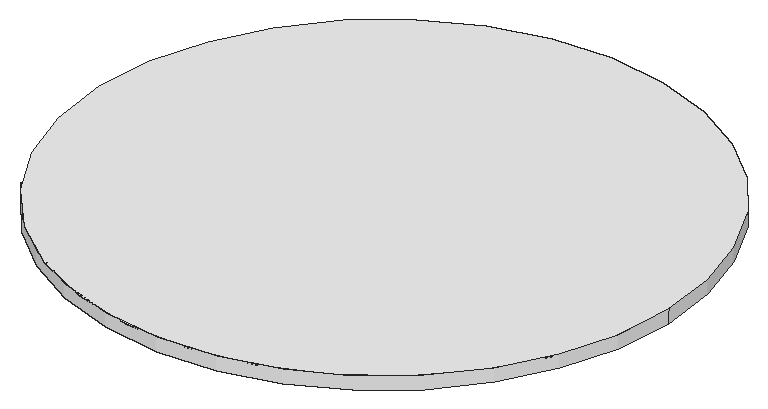
Revit family "Deca_Torneira de mesa bica baixa para lavatório_Aspen_1198.35", category Plumbing Fixtures, host Face, Revit 2019
Family settings
  Host = Face
  Round Connector Dimension = Use Radius
  Part Type = Normal
  Cut with Voids When Loaded = No
  Shared = No
  Room Calculation Point = No
Parameters (values of type "1198.C35_Cromado")
  Vazão na Pressão mín. (L/min) = "4 l/min"
  Vazão na Pressão máx. (L/min) = "6 l/min"
  URL = "www.deca.com.br"
  Torneira = Deca_Cromado
  Tipo de rosca de saída = "-"
  Tipo de rosca de entrada = "BSP NBR 8133"
  Tipo de mecanismo utilizado = "MVC -1/4 volta"
  Tipo de dispositivo economizador = "Sim"
  Segmento = "Banheiro Competitivo"
  Saída de Esgoto = "-"
  Raio Água Fria = 7.5 mm  # constant formula
  Pressão mín. funcionamento = "2 MCA"
  Pressão mín. Aquec. Passagem = "-"
  Pressão mín. Aquec. Acúmulo = "-"
  Pressão máx. funcionamento = "40 MCA"
  Peso Líquido (Kg) = 0.856
  Norma = "NBR10281"
  Model = "1198.C35"
  Manufacturer = "Deca"
  Linha = "Aspen"
  Itens de Instalação = "-"
  Informações Complementares = "-"
  Diâmetro Água Fria = Raio Água Fria * 2  # 15 mm
  Description = "Torneira de mesa bica baixa para lavatório"
  Default Elevation = 0 mm
  Código Pai = "1198.35"
  Criado por = "quattroD"
  Cores Componente = "-"
  Cor Secundária = "-"
  Cor Principal = "Cromado"
  Cor Interna = "-"
  Consumo = "-"
  Composição Componente = "-"
  Composição Básica = "Liga de Cobre (bronze e latão),Plásticos de Engenharia,Elastômeros"
  Composição Assento = "-"
  Composição Anel Vedação = "-"
  Categoria = "METAIS PARA BANHEIRO"
  CWFU = 0
  Atendimento ao Cliente = "0800-0117073"
  Assembly Code = ""
  Aprovado por = "quattroD"
  Acompanha o Produto = "Acompanha Deca confort"
Reference planes
  plane 1 "Center (Front/Back)": y = 0
  plane 2: z = 0
  plane 3 "Center (Left/Right)": x = 0
  plane 4 "Top 1": z = 83.337
  plane 5 "Left 1": x = -21.189
  plane 6 "Right 1": x = 21.178
  plane 7 "Back 1": y = 21.154
  plane 8 "Front 2": y = -125.839
  plane 9 "Front 1": y = -23.758
Forms (mm)
  Extrusion 1, solid, material "Deca_Cromado"
    sketch origin (0, -43.913, -145.688) x (1, 0, 0) y (0, 1, 0)
      loop
        circle (0, 43.89) r 21.178
    from 188.431 to 189.373
Lines and regions (mm)
  Masking region 1
    outline origin (0, 0, 0) x (1, 0, 0) y (0, 1, 0)
      loop
        arc (21.177, -0.159) -> (0.068, 21.154) -> (-21.178, -0.024) r 21.178
        arc (-21.178, -0.024) -> (-17.973, -57.499) -> (-13.675, -114.902) r 3153.487
        arc (-13.675, -114.902) -> (-9.488, -122.506) -> (-1.58, -126.085) r 13.744
        arc (-1.58, -126.085) -> (-0.144, -126.171) -> (1.292, -126.085) r 12.146
        arc (1.292, -126.085) -> (9.404, -122.604) -> (13.71, -114.899) r 13.704
        arc (13.71, -114.899) -> (17.823, -57.554) -> (21.177, -0.159) r 4351.414
  Masking region 2
    outline origin (0, 0, 0) x (1, 0, 0) y (0, 0, 1)
      loop
        line (-20, 87.224) -> (-20, 78.165)
        arc (-20, 78.165) -> (-16.734, 66.6) -> (-20, 55.035) r 22.109
        line (-20, 55.035) -> (-20, 46.1) -> (-15.601, 46.1)
        arc (-15.601, 46.1) -> (-15.951, 45.037) -> (-16.37, 44) r 16.927
        line (-16.37, 44) -> (-21.25, 44) -> (-21.25, 0) -> (21.25, 0) -> (21.25, 44) -> (16.37, 44)
        arc (16.37, 44) -> (15.994, 45.053) -> (15.601, 46.1) r 72.733
        line (15.601, 46.1) -> (20, 46.1) -> (20, 55.035)
        arc (20, 55.035) -> (16.679, 66.6) -> (20, 78.165) r 21.795
        line (20, 78.165) -> (20, 86.725)
        arc (20, 86.725) -> (20.007, 87.3) -> (19.612, 87.719) r 0.768
        arc (19.612, 87.719) -> (0.07, 88.2) -> (-19.471, 87.726) r 400
        arc (-19.471, 87.726) -> (-19.835, 87.543) -> (-19.981, 87.164) r 0.565
  Masking region 3
    outline origin (0, 0, 0) x (0, 1, 0) y (0, 0, 1)
      loop
        line (13.154, 46.1) -> (19.904, 46.1) -> (19.904, 87.7)
        arc (19.904, 87.7) -> (-0.096, 88.2) -> (-20.096, 87.7) r 400
        line (-20.096, 87.7) -> (-20.096, 46.1) -> (-13.346, 46.1) -> (-13.346, 44) -> (-20.646, 44)
        arc (-20.646, 44) -> (-21.343, 44.03) -> (-22.035, 44.122) r 7.999
        line (-22.035, 44.122) -> (-84.06, 55.058) -> (-114.858, 60.489)
        arc (-114.858, 60.489) -> (-121.583, 58.998) -> (-125.284, 53.188) r 9
        line (-125.284, 53.188) -> (-126.259, 47.657)
        arc (-126.259, 47.657) -> (-125.955, 47.146) -> (-125.398, 46.935) r 0.9
        line (-125.398, 46.935) -> (-121.571, 45.619) -> (-123.78, 38.394)
        arc (-123.78, 38.394) -> (-123.419, 37.524) -> (-122.549, 37.163) r 1.231
        line (-122.549, 37.163) -> (-102.301, 30.973)
        arc (-102.301, 30.973) -> (-101.565, 30.922) -> (-100.883, 31.199) r 1.634
        line (-100.883, 31.199) -> (-98.619, 38.602) -> (-87.862, 35.459) -> (-49.225, 23.647) -> (-27.007, 16.854)
        arc (-27.007, 16.854) -> (-22.915, 13.962) -> (-21.346, 9.204) r 8
        line (-21.346, 9.204) -> (-21.346, 0) -> (21.154, 0) -> (21.154, 44) -> (13.154, 44) -> (13.154, 46.1)
  symbolic lines
    curve 1: arc (21.178, -0.024, 0) -> (0, 21.154, 0) -> (-21.178, -0.024, 0) r 21.178
    curve 2: circle (0, 0, 0) r 19.524 normal (0, 0, 1)
    curve 3: arc (-21.178, -0.024, 0) -> (0, -21.202, 0) -> (21.178, -0.024, 0) r 21.178
    curve 4: circle (0, 0, 0) r 20 normal (0, 0, 1)
    curve 5: arc (-2.686, -124.796, 0) -> (0.016, -125.196, 0) -> (2.719, -124.796, 0) r 9.326
    curve 6: arc (2.719, -124.796, 0) -> (9.688, -121.484, 0) -> (13.71, -114.899, 0) r 13.517
    curve 7: arc (-2.686, -124.796, 0) -> (-9.663, -121.495, 0) -> (-13.675, -114.902, 0) r 13.445
    curve 8: arc (-1.58, -126.085, 0) -> (-0.144, -126.171, 0) -> (1.292, -126.085, 0) r 12.146
    curve 9: arc (1.292, -126.085, 0) -> (9.404, -122.604, 0) -> (13.71, -114.899, 0) r 13.704
    curve 10: arc (-1.58, -126.085, 0) -> (-9.488, -122.506, 0) -> (-13.675, -114.902, 0) r 13.744
    curve 11: arc (-13.675, -114.902, 0) -> (-17.973, -57.499, 0) -> (-21.223, -0.027, 0) r 3153.487
    curve 12: arc (13.71, -114.899, 0) -> (17.732, -58.941, 0) -> (21.033, -2.936, 0) r 4351.414
    curve 13: arc (21.178, -0.024, 0) -> (0, 21.154, 0) -> (-21.178, -0.024, 0) r 21.178
    curve 14: line (-16.37, 0, 44) -> (-21.25, 0, 44)
    curve 15: line (-20, 0, 87.224) -> (-20, 0, 78.165)
    curve 16: arc (19.612, 0, 87.719) -> (0.044, 0, 88.2) -> (-19.524, 0, 87.723) r 400
    curve 17: line (20, 0, 87.224) -> (-20, 0, 87.224)
    curve 18: arc (-19.416, 0, 87.728) -> (-19.816, 0, 87.563) -> (-19.981, 0, 87.164) r 0.565
    curve 19: arc (20, 0, 87.224) -> (19.814, 0, 87.614) -> (19.397, 0, 87.729) r 0.52
    curve 20: line (-19.524, 0, 87.723) -> (19.524, 0, 87.723)
    curve 21: line (20, 0, 78.165) -> (20, 0, 87.224)
    curve 22: line (20, 0, 55.035) -> (20, 0, 46.1)
    curve 23: arc (20, 0, 55.035) -> (16.679, 0, 66.6) -> (20, 0, 78.165) r 21.795
    curve 24: line (-20, 0, 55.035) -> (-20, 0, 46.1)
    curve 25: arc (-20, 0, 55.035) -> (-16.734, 0, 66.6) -> (-20, 0, 78.165) r 22.109
    curve 26: line (-21.25, 0, 44) -> (-21.25, 0, 0)
    curve 27: line (21.25, 0, 0) -> (21.25, 0, 44)
    curve 28: line (21.25, 0, 44) -> (16.37, 0, 44)
    curve 29: spline (12, 0, 34.707) -> (11.591, 0, 35.615) -> (10.392, 0, 36.461) -> (8.485, 0, 37.188) -> (6, 0, 37.746) -> (3.106, 0, 38.096) -> (0, 0, 38.216) -> (-3.106, 0, 38.096) -> (-6, 0, 37.746) -> (-8.485, 0, 37.188) -> (-10.392, 0, 36.461) -> (-11.591, 0, 35.615) -> (-12, 0, 34.707)
    curve 30: spline (10.05, 0, 34.077) -> (9.708, 0, 34.838) -> (8.704, 0, 35.546) -> (7.106, 0, 36.155) -> (5.025, 0, 36.622) -> (2.601, 0, 36.915) -> (0, 0, 37.015) -> (-2.601, 0, 36.915) -> (-5.025, 0, 36.622) -> (-7.106, 0, 36.155) -> (-8.704, 0, 35.546) -> (-9.708, 0, 34.838) -> (-10.05, 0, 34.077) -> (-9.708, 0, 33.317) -> (-8.704, 0, 32.608) -> (-7.106, 0, 31.999) -> (-5.025, 0, 31.532) -> (-2.601, 0, 31.239) -> (0, 0, 31.139) -> (2.601, 0, 31.239) -> (5.025, 0, 31.532) -> (7.106, 0, 31.999) -> (8.704, 0, 32.608) -> (9.708, 0, 33.317) -> (10.05, 0, 34.077)
    curve 31: spline (11, 0, 34.077) -> (10.625, 0, 34.91) -> (9.526, 0, 35.685) -> (7.778, 0, 36.351) -> (5.5, 0, 36.862) -> (2.847, 0, 37.184) -> (0, 0, 37.293) -> (-2.847, 0, 37.184) -> (-5.5, 0, 36.862) -> (-7.778, 0, 36.351) -> (-9.526, 0, 35.685) -> (-10.625, 0, 34.91) -> (-11, 0, 34.077) -> (-10.625, 0, 33.245) -> (-9.526, 0, 32.469) -> (-7.778, 0, 31.803) -> (-5.5, 0, 31.292) -> (-2.847, 0, 30.971) -> (0, 0, 30.861) -> (2.847, 0, 30.971) -> (5.5, 0, 31.292) -> (7.778, 0, 31.803) -> (9.526, 0, 32.469) -> (10.625, 0, 33.245) -> (11, 0, 34.077)
    curve 32: arc (12, 0, 34.707) -> (11.436, 0, 33.499) -> (10.345, 0, 32.735) r 2.577
    curve 33: arc (-12, 0, 34.707) -> (-11.542, 0, 33.642) -> (-10.573, 0, 33.006) r 2.013
    curve 34: spline (-9.916, 0, 34.555) -> (-9.264, 0, 33.895) -> (-8.105, 0, 33.296) -> (-6.503, 0, 32.793) -> (-4.544, 0, 32.413) -> (-2.336, 0, 32.176) -> (0, 0, 32.095) -> (2.336, 0, 32.176) -> (4.544, 0, 32.413) -> (6.503, 0, 32.793) -> (8.105, 0, 33.296) -> (9.264, 0, 33.895) -> (9.916, 0, 34.555)
    curve 35: line (-21.25, 0, 0) -> (21.25, 0, 0)
    curve 36: line (-20, 0, 46.1) -> (-15.601, 0, 46.1)
    curve 37: line (20, 0, 46.1) -> (15.601, 0, 46.1)
    curve 38: arc (15.601, 0, 46.1) -> (15.994, 0, 45.053) -> (16.37, 0, 44) r 72.733
    curve 39: arc (-16.37, 0, 44) -> (-15.951, 0, 45.037) -> (-15.601, 0, 46.1) r 16.927
    curve 40: arc (-0.784, 0, 60.631) -> (-0.095, 0, 60.613) -> (0.594, 0, 60.631) r 13.067
    curve 41: arc (15.601, 0, 46.1) -> (14.295, 0, 49.669) -> (12.877, 0, 53.196) r 122.389
    curve 42: arc (12.877, 0, 53.196) -> (7.788, 0, 58.652) -> (0.594, 0, 60.631) r 13.697
    curve 43: arc (-15.601, 0, 46.1) -> (-14.321, 0, 49.477) -> (-13.012, 0, 52.845) r 449.837
    curve 44: arc (-13.012, 0, 52.845) -> (-8.035, 0, 58.523) -> (-0.784, 0, 60.631) r 13.473
    curve 45: arc (-16.37, 0, 44) -> (-18.89, 0, 36.941) -> (-21.25, 0, 29.827) r 333.082
    curve 46: arc (-14.008, 0, 44.871) -> (-13.797, 0, 45.49) -> (-13.317, 0, 45.935) r 1.335
    curve 47: arc (-14.008, 0, 44.871) -> (-17.969, 0, 31.971) -> (-20.989, 0, 18.818) r 186.999
    curve 48: arc (14.008, 0, 44.871) -> (13.769, 0, 45.523) -> (13.254, 0, 45.989) r 1.444
    curve 49: arc (13.254, 0, 45.989) -> (11.655, 0, 46.67) -> (9.96, 0, 47.059) r 9.814
    curve 50: arc (-13.317, 0, 45.935) -> (-11.991, 0, 46.616) -> (-10.532, 0, 46.921) r 5.56
    curve 51: arc (9.96, 0, 47.059) -> (4.989, 0, 47.518) -> (0, 0, 47.672) r 81.567
    curve 52: arc (0, 0, 47.672) -> (-5.282, 0, 47.52) -> (-10.532, 0, 46.921) r 62.185
    curve 53: arc (-16.97, 0, 44) -> (-19.664, 0, 37.449) -> (-21.25, 0, 30.545) r 43.123
    curve 54: arc (14.008, 0, 44.871) -> (17.899, 0, 31.933) -> (21.25, 0, 18.844) r 325.44
    curve 55: arc (16.37, 0, 44) -> (18.911, 0, 36.948) -> (21.25, 0, 29.827) r 262.67
    curve 56: arc (16.97, 0, 44) -> (19.623, 0, 37.793) -> (20.894, 0, 31.164) r 31.52
    curve 57: line (-12, 0, 34.707) -> (-12, 0, 42.173)
    curve 58: line (12, 0, 34.707) -> (12, 0, 42.173)
    curve 59: arc (-12, 0, 42.173) -> (-11.004, 0, 43.593) -> (-9.419, 0, 44.298) r 3.249
    curve 60: arc (12, 0, 42.173) -> (12.372, 0, 43.499) -> (11.387, 0, 44.461) r 1.35
    curve 61: arc (12, 0, 42.173) -> (11.654, 0, 42.899) -> (11.162, 0, 43.536) r 3.8
    curve 62: arc (11.162, 0, 43.536) -> (5.701, 0, 45.24) -> (0, 0, 45.706) r 25.94
    curve 63: arc (0, 0, 45.706) -> (-4.752, 0, 45.283) -> (-9.419, 0, 44.298) r 39.97
    curve 64: arc (-12, 0, 42.173) -> (-12.462, 0, 43.131) -> (-12, 0, 44.089) r 1.224
    curve 65: arc (11.387, 0, 44.461) -> (9.674, 0, 45.17) -> (7.846, 0, 45.477) r 8.226
    curve 66: arc (-12, 0, 44.089) -> (-10.661, 0, 44.765) -> (-9.213, 0, 45.159) r 7.434
    curve 67: arc (-9.213, 0, 45.159) -> (-0.696, 0, 46.008) -> (7.846, 0, 45.477) r 53.049
    curve 68: line (-11.2, 0, 43.37) -> (-11.2, 0, 44.575)
    curve 69: spline (-11.414, 0, 44.469) -> (-11.433, 0, 44.388) -> (-11.445, 0, 44.308) -> (-11.45, 0, 44.228) -> (-11.448, 0, 44.147) -> (-11.44, 0, 44.067) -> (-11.426, 0, 43.986) -> (-11.404, 0, 43.906) -> (-11.377, 0, 43.826) -> (-11.342, 0, 43.746) -> (-11.301, 0, 43.667) -> (-11.254, 0, 43.588) -> (-11.2, 0, 43.509)
    curve 70: line (11.2, 0, 43.37) -> (11.2, 0, 44.575)
    curve 71: spline (11.2, 0, 43.509) -> (11.254, 0, 43.588) -> (11.301, 0, 43.667) -> (11.342, 0, 43.746) -> (11.377, 0, 43.826) -> (11.404, 0, 43.906) -> (11.426, 0, 43.986) -> (11.44, 0, 44.067) -> (11.448, 0, 44.147) -> (11.45, 0, 44.228) -> (11.445, 0, 44.308) -> (11.433, 0, 44.388) -> (11.414, 0, 44.469)
    curve 72: line (0, 19.904, 46.1) -> (0, 19.904, 87.7)
    curve 73: line (0, -20.096, 87.7) -> (0, -20.096, 46.1)
    curve 74: arc (0, 1.713, 77.77) -> (0, -3.305, 77.461) -> (0, -7.651, 74.934) r 10.907
    curve 75: arc (0, 9.53, 71.884) -> (0, 6.392, 75.85) -> (0, 1.713, 77.77) r 9.989
    curve 76: arc (0, 9.422, 61.093) -> (0, 10.608, 66.477) -> (0, 9.53, 71.884) r 13.425
    curve 77: arc (0, 5.134, 56.551) -> (0, 7.653, 58.468) -> (0, 9.422, 61.093) r 9.722
    curve 78: arc (0, -3.324, 55.743) -> (0, 0.982, 55.341) -> (0, 5.134, 56.551) r 11.552
    curve 79: arc (0, -9.722, 61.316) -> (0, -7.15, 57.809) -> (0, -3.324, 55.743) r 9.898
    curve 80: arc (0, -10.68, 68.428) -> (0, -10.686, 64.806) -> (0, -9.722, 61.316) r 13.387
    curve 81: arc (0, -7.651, 74.934) -> (0, -9.697, 71.928) -> (0, -10.68, 68.428) r 11.275
    curve 82: arc (0, 19.904, 87.7) -> (0, -0.096, 88.2) -> (0, -20.096, 87.7) r 400
    curve 83: arc (0, 19.428, 87.723) -> (0, -0.096, 88.2) -> (0, -19.62, 87.723) r 400
    curve 84: line (0, 19.904, 87.224) -> (0, -20.096, 87.224)
    curve 85: line (0, -19.62, 87.723) -> (0, 19.428, 87.723)
    curve 86: line (0, 19.904, 46.1) -> (0, -20.096, 46.1)
    curve 87: line (0, 13.154, 46.1) -> (0, 13.154, 44)
    curve 88: line (0, -13.346, 46.1) -> (0, -13.346, 44)
    curve 89: line (0, 21.154, 44) -> (0, -16.032, 44)
    curve 90: line (0, 21.154, 44) -> (0, 21.154, 0)
    curve 91: line (0, -21.346, 0) -> (0, 21.154, 0)
    curve 92: line (0, -21.346, 9.204) -> (0, -21.346, 0)
    curve 93: line (0, -27.007, 16.854) -> (0, -49.225, 23.647)
    curve 94: arc (0, -21.346, 9.204) -> (0, -22.915, 13.962) -> (0, -27.007, 16.854) r 8
    curve 95: line (0, -49.225, 23.647) -> (0, -87.862, 35.459)
    curve 96: line (0, -98.619, 38.602) -> (0, -100.883, 31.199)
    curve 97: line (0, -87.862, 35.459) -> (0, -98.1, 38.589)
    curve 98: line (0, -98.759, 38.674) -> (0, -121.011, 45.477)
    curve 99: line (0, -102.361, 30.991) -> (0, -122.549, 37.163)
    curve 100: arc (0, -100.883, 31.199) -> (0, -101.599, 30.931) -> (0, -102.361, 30.991) r 1.767
    curve 101: line (0, -123.78, 38.394) -> (0, -121.571, 45.619)
    curve 102: arc (0, -122.549, 37.163) -> (0, -123.419, 37.524) -> (0, -123.78, 38.394) r 1.231
    curve 103: line (0, -100.883, 31.199) -> (0, -123.834, 38.216)
    curve 104: line (0, -125.284, 53.188) -> (0, -126.259, 47.657)
    curve 105: arc (0, -126.259, 47.657) -> (0, -125.955, 47.146) -> (0, -125.398, 46.935) r 0.9
    curve 106: line (0, -125.398, 46.935) -> (0, -121.571, 45.619)
    curve 107: arc (0, -98.619, 38.602) -> (0, -109.777, 43.15) -> (0, -121.571, 45.619) r 66.767
    curve 108: arc (0, -12.951, 43.85) -> (0, -16.796, 44.019) -> (0, -20.646, 44) r 79.157
    curve 109: line (0, -84.06, 55.058) -> (0, -22.035, 44.122)
    curve 110: arc (0, -22.035, 44.122) -> (0, -21.343, 44.03) -> (0, -20.646, 44) r 7.999
    curve 111: line (0, -114.858, 60.489) -> (0, -84.06, 55.058)
    curve 112: arc (0, -114.858, 60.489) -> (0, -121.583, 58.998) -> (0, -125.284, 53.188) r 9
Dimensions and locks
  aligned and locked: host face to plane 2
  aligned and locked: level to host face
Connectors
  piping at (0, 0, 0), diameter 15, driven by "Raio Água Fria"
    settings: index 1, connector inside diameter 24", connector length 0 mm, flow factor 0, pipe flow 0 GPM, pressure drop 0.00 psi, fitting loss kfactor 0, connector angle 0.00°, fixture units 0, engagement length 0 mm, angle of deflection 0.00°, flow configuration 1, flow direction 1, fitting loss method 4, system type 7, joint type 0, gender type 0, connector reference index -1, connector utility 0, adjustable connector no, is connector primary yes, connector description ""
